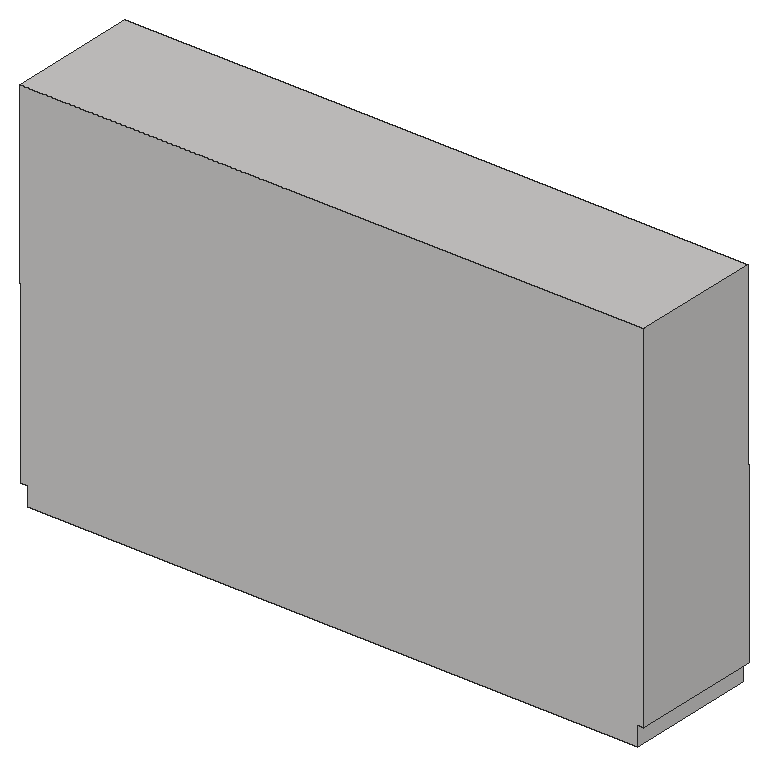
Revit family "Indoor_Unit-VRF-Ductless-JCI-Floor_Exposed-0.5_1.3Ton-208_230V", category Mechanical Equipment, Revit 2013
Parameters (values of type "0.5 Ton - 208V /1PH 60Hz")
  Width = 41 1/8"
  Voltage = 208 V
  URL = "http://www.johnsoncontrols.com"
  Type Comments = "0.5 Ton Unit - 208V"
  Sound Pressure Level = "35 dB"
  Show Clearance [instance] = no
  Refrigerant Used = "R410A"  # constant formula
  Product Page URL = "http://www.johnsoncontrols.com/content/us/en/products/building_efficiency/products-and-systems/integrated_hvac_systems/Industrial___Commercial_HVAC_Equipment/Variable_Refrigerant_Flow_Systems_.html"
  Product Documentation Link = "http://www.johnsoncontrols.com/content/dam/WWW/jci/be/integrated_hvac_systems/hvac_equipment/variable_refrigerant/Catalog%202015%20VRF%20catalog_012115_D_FNL.pdf"
  Power Factor = 1
  Pipe Right Offset Liquid = 2 9/16"  # constant formula
  Pipe Right Offset Gas = 2 1/4"  # constant formula
  Pipe Right Offset Drain = 1 1/4"  # constant formula
  Pipe Height Inset Liquid = 20 13/16"  # constant formula
  Pipe Height Inset Gas = 15 1/4"  # constant formula
  Pipe Height Inset Drain = 10 1/4"  # constant formula
  Pipe Front Inset Liquid = 2"  # constant formula
  Pipe Front Inset Gas = 5 1/4"  # constant formula
  Pipe Front Inset Drain = 5 1/4"  # constant formula
  Phase = 1
  Nominal Heating Capacity = 6700.0 Btu/h
  Nominal Cooling Capacity = 6000.0 Btu/h
  Net Weight = 55.00 lbf
  Model = "TIFE006B21S"
  Minimum Circuit Ampacity = 0.3 A
  Manufacturer = "Johnson Controls Inc."  # constant formula
  Liquid Line Radius = Liquid Connection Diameter / 2  # 1/8"
  Liquid Connection Diameter = 1/4"
  Height = 24 13/16"
  Heating Nominal Input Power = 0 W
  Gas Line Radius = Gas Connection Diameter / 2  # 1/4"
  Gas Connection Diameter = 1/2"
  Full Load Current = 0 A
  Frequency = 60 Hz  # constant formula
  Frame Finish = Metal - JCI - Steel - Galvanized - 18ga
  Drain Pipe Radius = Drain Connection Size / 2  # 5/8"
  Drain Connection Size = 1 1/4"  # constant formula
  Description = "VRF Indoor Floor Exposed"  # constant formula
  Depth = 8 21/32"
  Copyright © = "2015 Johnson Controls Inc."  # constant formula
  Cooling Nominal Input Power = 0 W
  Condensate Drain Flow = 0 GPM
  Clearance Offset Top [instance] = 39 3/8"
  Clearance Offset Right [instance] = 11 13/16"
  Clearance Offset Left [instance] = 11 13/16"
  Clearance Offset Front [instance] = 0"
  Clearance Offset Bottom [instance] = 0"
  Clearance Offset Back [instance] = 0"
  Apparent Load = Voltage * Full Load Current  # 0 VA
  Air Flow Rate = 300 CFM
Reference planes (in)
  plane 1 "Center (Front/Back)": y = 0
  plane 2: z = 0
  plane 3 "Center (Left/Right)": x = 3.26563
  plane 4 "Back": y = 4.32812
  plane 5 "Front": y = -4.32813
  plane 6 "Left": x = -14.82812
  plane 7 "Right": x = 14.82813
  plane 8 "Bottom": z = 0
  plane 9 "Air Outlet Top": z = 24.8125
  plane 10 "Clearance Offset Back": y = 4.32813
  plane 11 "Clearance Offset Front": y = -4.32813
  plane 12 "Clearance Offset Right": x = 35.64063
  plane 13 "Clearance Offset Left": x = -29.10937
  plane 14 "Clearance Offset Top": z = 64.1875
  plane 15 "Clearance Offset Bottom": z = 0
  plane 16 "Electric Box Back": y = 4.07812
  plane 17 "Liquid F/B": y = 2.32812
  plane 18 "Gas F/B": y = -0.92188
  plane 19 "Drain  F/B": y = -0.92188
  plane 20 "Gas Right": x = 17.07813
  plane 21 "Drain Right": x = 16.07812
  plane 22 "Liquid Right": x = 17.39063
  plane 23 "Gas T/B": z = 15.25
  plane 24 "Drain T": z = 10.25
  plane 25 "Return Air Bottom": z = 4.5
  plane 26 "Liquid T/B": z = 20.8125
  plane 27 "Return Air Top": z = 16.875
  plane 28 "Supply Air Left": x = -15.18056
  plane 29 "Supply Air Right": x = 21.82813
  plane 30 "Air Inlet Bottom": z = 1.8125
  plane 31 "Air Inlet Top": z = 7.0625
  plane 32 "Air Inlet Left": x = -7.11806
  plane 33 "Air Inlet Right": x = 7.89063
  plane 34 "Drain Pan Right": x = 16.89063
  plane 35 "Electric Box Front": y = -3.27021
  plane 36 "Electrical Box Left": x = -16.11806
  plane 37 "Top": z = 23.9375
  plane 38 "Bottom Inset": z = 1.25
  plane 39 "Left Inset": x = -13.95313
  plane 40 "Right Inset": x = 13.95313
  plane 41 "Back Inset": y = 2.32812
  plane 42 "Front Inset": y = -2.4716
  plane 43: y = -4.20313
  plane 44 "Electrical Box Top": z = 22.1875
  plane 45 "Drain B": z = 7.25
  plane 46 "Frame Right": x = 23.82813
  plane 47 "Frame Left": x = -17.29687
Forms (in)
  Extrusion 1, solid, material "Clearance", visible <- "Show Clearance"
    sketch origin (0.66404, -0.08612, 0) x (-1, 0, 0) y (0, -1, 0)
      loop
        line (29.77342, -4.41425) -> (29.77342, 4.242) -> (-34.97658, 4.242) -> (-34.97658, -4.41425) -> (29.77342, -4.41425)
    from 0 to 64.1875
  Extrusion 2, solid, material "Metal - JCI - Steel - Galvanized - 18ga" <- "Frame Finish"
    sketch origin (0, 12.97358, 0) x (1, 0, 0) y (0, 0, 1)
      loop
        line (-14.82812, 23.9375) -> (-14.82812, 1.25) -> (14.82813, 1.25) -> (14.82813, 23.9375) -> (-14.82812, 23.9375)
    from 8.64545 to 17.1767
  Sweep 3, solid, material "Metal - JCI - Steel - Galvanized - 18ga" <- "Frame Finish"
    path origin (0, 0, 20.8125) x (-1, 0, 0) y (0, -1, 0)
      loop
        line (-14.82813, -2.32812) -> (-17.39063, -2.32812)
    profile origin (16.10938, 2.32812, 20.8125) x (0, 1, 0) y (0, 0, 1)
      loop
        circle (0, 0) r 0.125
  Sweep 4, solid, material "Metal - JCI - Steel - Galvanized - 18ga" <- "Frame Finish"
    path origin (0, 0, 15.25) x (-1, 0, 0) y (0, -1, 0)
      loop
        line (-14.82813, 0.92188) -> (-17.07813, 0.92188)
    profile origin (15.95313, -0.92188, 15.25) x (0, 1, 0) y (0, 0, 1)
      loop
        circle (0, 0) r 0.25
  Sweep 5, solid, material "Metal - JCI - Steel - Galvanized - 18ga" <- "Frame Finish"
    path origin (0, 0, 10.25) x (-1, 0, 0) y (0, -1, 0)
      loop
        line (-14.82813, 0.92188) -> (-16.89063, 0.92188)
    profile origin (15.85938, -0.92188, 10.25) x (0, 1, 0) y (0, 0, 1)
      loop
        line (-1.875, 1.625) -> (-1.875, 0) -> (1.875, 0) -> (1.875, 1.625) -> (-1.875, 1.625)
  Extrusion 6, solid, material "Metal - JCI - Steel - Galvanized - 18ga" <- "Frame Finish"
    sketch origin (0, 0, 20.8125) x (-1, 0, 0) y (0, -1, 0)
      loop
        line (14.82812, -4.07812) -> (16.11806, -4.07812) -> (16.11806, 3.27021) -> (14.82812, 3.27021) -> (14.82812, -4.07812)
    from -19 to 1.375
  Extrusion 7, solid, material "Metal - JCI - Steel - Galvanized - 18ga" <- "Frame Finish"
    sketch origin (-1.25, 9.41108, 0) x (1, 0, 0) y (0, 0, 1)
      loop
        line (-16.04687, 24.8125) -> (-16.04687, 23.9375) -> (25.07813, 23.9375) -> (25.07813, 24.8125) -> (-16.04687, 24.8125)
    from 5.08295 to 13.7392
  Extrusion 8, solid, material "Metal - JCI - Steel - Galvanized - 18ga" <- "Frame Finish"
    sketch origin (-2.75, 2.41108, 0) x (1, 0, 0) y (0, 0, 1)
      loop
        line (-14.54687, 24.8125) -> (-14.54687, 1.25) -> (26.57813, 1.25) -> (26.57813, 24.8125) -> (-14.54687, 24.8125)
    from 6.6142 to 6.7392
  Sweep 9, solid, material "Metal - JCI - Steel - Galvanized - 18ga" <- "Frame Finish"
    path origin (0, -0.92188, 0) x (-1, 0, 0) y (0, 0, 1)
      loop
        line (-16.07812, 10.25) -> (-16.07812, 7.25)
    profile origin (16.07812, -0.92188, 8.75) x (0, -1, 0) y (1, 0, 0)
      loop
        circle (0, 0) r 0.625
  Sweep 10, solid, material "Metal - JCI - Steel - Galvanized - 18ga" <- "Frame Finish"
    path origin (0, 0, 20.8125) x (-1, 0, 0) y (0, -1, 0)
      loop
        line (-3.26563, 4.32813) -> (-3.26563, -4.32812)
    profile origin (3.26563, 0, 20.8125) x (-1, 0, 0) y (0, 0, 1)
      loop
        line (20.5625, 4) -> (19.70379, 4) -> (19.70379, -19.5625) -> (-19.8125, -19.5625) -> (-19.8125, 4) -> (-20.5625, 4) -> (-20.5625, -19.5625) -> (-20.19267, -19.5625) -> (-20.19267, -20.8125) -> (20.0625, -20.8125) -> (20.0625, -19.5625) -> (20.5625, -19.5625) -> (20.5625, 4)
Cuts and joins
  joined: Extrusion 7, Extrusion 8, Sweep 10
Lines and regions (in)
  Masking region 1
    outline origin (0, 0, 23.9375) x (-1, 0, 0) y (0, -1, 0)
      loop
        line (17.29687, -4.32812) -> (17.29687, 4.20313) -> (-23.82813, 4.20313) -> (-23.82813, -4.32812) -> (17.29687, -4.32812)
  Masking region 2, detail levels fine
    outline origin (2.25, 0.5, 20.8125) x (-1, 0, 0) y (0, -1, 0)
      loop
        line (-12.57813, -1.95312) -> (-12.57813, -1.70312) -> (-15.14063, -1.70312) -> (-15.14063, -1.95312) -> (-12.57813, -1.95312)
  Masking region 3, detail levels fine
    outline origin (0, 0, 15.25) x (-1, 0, 0) y (0, -1, 0)
      loop
        line (-14.82813, 0.67188) -> (-14.82813, 1.17188) -> (-17.07813, 1.17188) -> (-17.07813, 0.67188) -> (-14.82813, 0.67188)
  Masking region 4
    outline origin (0, 0, 10.25) x (-1, 0, 0) y (0, -1, 0)
      loop
        line (-14.82813, -0.95312) -> (-14.82813, 2.79688) -> (-16.89063, 2.79688) -> (-16.89063, -0.95312) -> (-14.82813, -0.95312)
  Split face 1
    outline origin (23.82813, -4.32813, 24.8125) x (0, 1, 0) y (-1, 0, 0)
      loop
        line (1.85653, 2) -> (6.65625, 2) -> (6.65625, 39.00869) -> (1.85653, 39.00869) -> (1.85653, 2)
  Split face 2
    outline origin (-17.29687, -4.32813, 24.8125) x (-1, 0, 0) y (0, 0, -1)
      loop
        line (-0.85871, 17.75) -> (-0.85871, 23) -> (-40.375, 23) -> (-40.375, 17.75) -> (-0.85871, 17.75)
  model lines, detail levels coarse+medium
    curve 1: line (14.82813, 2.32812, 20.8125) -> (17.39063, 2.32812, 20.8125)
    curve 2: line (14.82813, -0.92188, 15.25) -> (17.07813, -0.92188, 15.25)
  model lines, style "Clearance", visible <- "Show Clearance"
    curve 3: line (35.64062, -4.32813, 64.1875) -> (-29.10937, -4.32813, 64.1875)
    curve 4: line (-29.10937, -4.32813, 64.1875) -> (-29.10937, -4.32813, 0)
    curve 5: line (-29.10937, -4.32813, 0) -> (35.64062, -4.32813, 0)
    curve 6: line (35.64062, -4.32813, 0) -> (35.64062, -4.32813, 64.1875)
    curve 7: line (35.64062, 4.32812, 0) -> (-29.10937, 4.32812, 0)
    curve 8: line (-29.10937, 4.32812, 0) -> (-29.10937, 4.32812, 64.1875)
    curve 9: line (-29.10937, 4.32812, 64.1875) -> (35.64062, 4.32812, 64.1875)
    curve 10: line (35.64062, 4.32812, 64.1875) -> (35.64062, 4.32812, 0)
    curve 11: line (-29.10937, -4.32813, 64.1875) -> (-29.10937, 4.32812, 64.1875)
    curve 12: line (-29.10937, 4.32812, 0) -> (-29.10937, -4.32813, 0)
    curve 13: line (35.64062, 4.32812, 64.1875) -> (35.64062, -4.32813, 64.1875)
    curve 14: line (35.64062, -4.32813, 0) -> (35.64062, 4.32812, 0)
  symbolic lines, detail levels medium+fine
    curve 15: line (-15.18056, 2.32812, 24.8125) -> (21.82813, 2.32812, 24.8125)
    curve 16: line (-15.18056, -2.4716, 24.8125) -> (-15.18056, 2.32812, 24.8125)
    curve 17: line (21.82813, -2.4716, 24.8125) -> (-15.18056, -2.4716, 24.8125)
    curve 18: line (21.82813, 2.32812, 24.8125) -> (21.82813, -2.4716, 24.8125)
  model lines, style "MechanicalEquipmentHiddenLines", detail levels fine
    curve 19: line (15.64063, 3.14062, 24.8125) -> (22.26563, 3.14062, 24.8125)
    curve 20: line (15.64063, -3.04688, 24.8125) -> (15.64063, 3.14062, 24.8125)
    curve 21: line (22.26563, -3.04688, 24.8125) -> (15.64063, -3.04688, 24.8125)
    curve 22: line (22.26563, 3.14062, 24.8125) -> (22.26563, -3.04688, 24.8125)
Dimensions and locks (in)
  "Depth": plane 4 "Back" to plane 5 "Front"
  "Height": plane 9 "Air Outlet Top" to plane 8 "Bottom"
  "Clearance Offset Bottom": plane 8 "Bottom" to plane 15 "Clearance Offset Bottom"
  "Clearance Offset Back": plane 10 "Clearance Offset Back" to plane 4 "Back"
  "Clearance Offset Front": plane 11 "Clearance Offset Front" to plane 5 "Front"
  "Clearance Offset Left": plane 13 "Clearance Offset Left" to plane 47 "Frame Left"
  "Clearance Offset Right": plane 46 "Frame Right" to plane 12 "Clearance Offset Right"
  "Clearance Offset Top": plane 14 "Clearance Offset Top" to plane 9 "Air Outlet Top"
  equal spacing: plane 5 "Front", plane 1 "Center (Front/Back)", plane 4 "Back"
  equal spacing: plane 47 "Frame Left", plane 3 "Center (Left/Right)", plane 46 "Frame Right"
  locked: plane 30 "Air Inlet Bottom" to plane 8 "Bottom" at 1.8125
  locked: plane 31 "Air Inlet Top" to plane 30 "Air Inlet Bottom" at 5.25
  locked: plane 27 "Return Air Top" to plane 25 "Return Air Bottom" at 12.375
  "Pipe Right Offset Liquid": plane 7 "Right" to plane 22 "Liquid Right"
  "Pipe Right Offset Gas": plane 7 "Right" to plane 20 "Gas Right"
  "Pipe Right Offset Drain": plane 7 "Right" to plane 21 "Drain Right"
  "Pipe Front Inset Liquid": plane 17 "Liquid F/B" to plane 4 "Back"
  "Pipe Front Inset Gas": plane 18 "Gas F/B" to plane 4 "Back"
  "Pipe Front Inset Drain": plane 19 "Drain  F/B" to plane 4 "Back"
  "Pipe Height Inset Drain": plane 24 "Drain T" to plane 8 "Bottom"
  "Pipe Height Inset Gas": plane 23 "Gas T/B" to plane 8 "Bottom"
  "Pipe Height Inset Liquid": plane 26 "Liquid T/B" to plane 8 "Bottom"
  locked: plane 7 "Right" to plane 34 "Drain Pan Right" at 2.0625
  locked: plane 35 "Electric Box Front" to plane 16 "Electric Box Back" at 7.34833
  locked: plane 4 "Back" to plane 16 "Electric Box Back" at 0.25
  locked: plane 36 "Electrical Box Left" to plane 6 "Left" at 1.28994
  locked: plane 9 "Air Outlet Top" to plane 37 "Top" at 0.875
  locked: plane 25 "Return Air Bottom" to plane 8 "Bottom" at 4.5
  locked: plane 38 "Bottom Inset" to plane 8 "Bottom" at 1.25
  locked: plane 6 "Left" to plane 39 "Left Inset" at 0.875
  locked: plane 7 "Right" to plane 40 "Right Inset" at 0.875
  locked: plane 42 "Front Inset" to plane 41 "Back Inset" at 4.79972
  locked: plane 4 "Back" to plane 41 "Back Inset" at 2
  locked: plane 29 "Supply Air Right" to plane 46 "Frame Right" at 2
  locked: plane 47 "Frame Left" to plane 28 "Supply Air Left" at 2.11631
  plane 34 "Drain Pan Right" to plane 33 "Air Inlet Right" = 9"
  plane 36 "Electrical Box Left" to plane 32 "Air Inlet Left" = 9"
  locked: plane 8 "Bottom" to plane 2 at 0
  plane 5 "Front" to plane 43 = 1/8"
  locked: plane 9 "Air Outlet Top" to plane 44 "Electrical Box Top" at 2.625
  locked: Sweep 5 sketch curve to Sweep 5 sketch curve at 3.75
  locked: plane 24 "Drain T" to plane 45 "Drain B" at 3
  locked: plane 7 "Right" to plane 46 "Frame Right" at 9
  "Width": plane 47 "Frame Left" to plane 46 "Frame Right"
  locked: plane 47 "Frame Left" to plane 36 "Electrical Box Left" at 1.17881
  plane 6 "Left" to plane 7 "Right" = 29 21/32"
  locked: curve 21 to curve 19 at 6.1875
  locked: plane 4 "Back" to curve 19 at 1.1875
  locked: curve 22 to plane 46 "Frame Right" at 1.5625
  locked: curve 20 to curve 22 at 6.625
  "Liquid Line Radius": radius of Sweep 3 sketch curve
  "Gas Line Radius": radius of Sweep 4 sketch curve
  "Drain Pipe Radius": radius of Sweep 9 sketch curve
  aligned and locked: level to plane 2
  aligned and locked: plane 13 "Clearance Offset Left" to Extrusion 1
  aligned and locked: plane 12 "Clearance Offset Right" to Extrusion 1
  aligned and locked: Extrusion 1 to plane 11 "Clearance Offset Front"
  aligned and locked: plane 10 "Clearance Offset Back" to Extrusion 1
  aligned and locked: plane 14 "Clearance Offset Top" to Extrusion 1
  aligned and locked: Extrusion 1 to plane 15 "Clearance Offset Bottom"
  aligned and locked: plane 7 "Right" to Sweep 3 sketch curve
  aligned and locked: plane 22 "Liquid Right" to Sweep 3 sketch curve
  aligned and locked: plane 17 "Liquid F/B" to Sweep 3 sketch curve  (x2)
  aligned and locked: plane 26 "Liquid T/B" to Sweep 3 sketch curve
  aligned and locked: plane 23 "Gas T/B" to Sweep 4 sketch curve
  aligned and locked: Masking region 2 sketch curve to plane 22 "Liquid Right"
  aligned and locked: plane 7 "Right" to Masking region 2 sketch curve
  aligned and locked: Masking region 2 sketch curve to Sweep 3  (x2)
  aligned and locked: plane 7 "Right" to Sweep 5 sketch curve
  aligned and locked: plane 19 "Drain  F/B" to Sweep 5 sketch curve
  aligned and locked: plane 18 "Gas F/B" to Sweep 4 sketch curve  (x2)
  aligned and locked: plane 7 "Right" to Sweep 4 sketch curve
  aligned and locked: plane 20 "Gas Right" to Sweep 4 sketch curve
  aligned and locked: Masking region 1 sketch curve to plane 4 "Back"
  aligned and locked: plane 4 "Back" to Extrusion 2
  aligned and locked: plane 16 "Electric Box Back" to Extrusion 6 sketch curve
  aligned and locked: Extrusion 6 sketch curve to plane 35 "Electric Box Front"
  aligned and locked: plane 18 "Gas F/B" to curve 2
  aligned and locked: plane 7 "Right" to curve 2
  aligned and locked: plane 20 "Gas Right" to curve 2
  aligned and locked: plane 7 "Right" to Masking region 3 sketch curve
  aligned and locked: plane 20 "Gas Right" to Masking region 3 sketch curve
  aligned and locked: Masking region 3 sketch curve to Sweep 4  (x2)
  aligned and locked: plane 7 "Right" to Masking region 4 sketch curve
  aligned and locked: curve 3 to Extrusion 1
  aligned and locked: curve 4 to Extrusion 1
  aligned and locked: curve 5 to Extrusion 1
  aligned and locked: curve 6 to Extrusion 1
  aligned and locked: curve 7 to Extrusion 1
  aligned and locked: curve 8 to Extrusion 1
  aligned and locked: curve 9 to Extrusion 1
  aligned and locked: curve 10 to Extrusion 1
  aligned and locked: curve 11 to Extrusion 1
  aligned and locked: curve 12 to Extrusion 1
  aligned and locked: curve 13 to Extrusion 1
  aligned and locked: curve 14 to Extrusion 1
  aligned and locked: Extrusion 6 sketch curve to plane 6 "Left"
  aligned and locked: Extrusion 7 sketch curve to plane 9 "Air Outlet Top"
  aligned and locked: Extrusion 7 sketch curve to plane 37 "Top"
  aligned and locked: plane 43 to Extrusion 2
  aligned and locked: Masking region 1 sketch curve to plane 43
  aligned and locked: Extrusion 8 to plane 43
  aligned and locked: plane 5 "Front" to Extrusion 8
  aligned and locked: Extrusion 6 to plane 30 "Air Inlet Bottom"
  aligned and locked: plane 44 "Electrical Box Top" to Extrusion 6
  aligned and locked: plane 24 "Drain T" to Sweep 5 sketch curve
  aligned and locked: plane 34 "Drain Pan Right" to Sweep 5 sketch curve
  aligned and locked: plane 45 "Drain B" to Sweep 9 sketch curve
  aligned and locked: plane 24 "Drain T" to Sweep 9 sketch curve
  aligned and locked: plane 21 "Drain Right" to Sweep 9 sketch curve  (x2)
  aligned and locked: plane 19 "Drain  F/B" to Sweep 9 sketch curve
  aligned and locked: Masking region 4 sketch curve to Sweep 5  (x2)
  aligned and locked: plane 34 "Drain Pan Right" to Masking region 4 sketch curve
  aligned and locked: plane 41 "Back Inset" to curve 15
  aligned and locked: curve 17 to plane 42 "Front Inset"
  aligned and locked: curve 16 to plane 28 "Supply Air Left"
  aligned and locked: curve 18 to plane 29 "Supply Air Right"
  aligned and locked: Extrusion 2 sketch curve to plane 37 "Top"
  aligned and locked: Extrusion 2 sketch curve to plane 6 "Left"
  aligned and locked: plane 38 "Bottom Inset" to Extrusion 2 sketch curve
  aligned and locked: Extrusion 2 sketch curve to plane 7 "Right"
  aligned and locked: Extrusion 8 sketch curve to plane 46 "Frame Right"
  aligned and locked: Extrusion 8 sketch curve to plane 47 "Frame Left"
  aligned and locked: Extrusion 8 sketch curve to plane 9 "Air Outlet Top"
  aligned and locked: Extrusion 7 sketch curve to plane 47 "Frame Left"
  aligned and locked: Extrusion 7 sketch curve to plane 46 "Frame Right"
  aligned and locked: plane 4 "Back" to Extrusion 7
  aligned and locked: plane 5 "Front" to Extrusion 7
  aligned and locked: plane 36 "Electrical Box Left" to Extrusion 6
  aligned and locked: plane 4 "Back" to Sweep 10 sketch curve
  aligned and locked: plane 5 "Front" to Sweep 10 sketch curve
  aligned and locked: plane 3 "Center (Left/Right)" to Sweep 10 sketch curve
  aligned and locked: plane 9 "Air Outlet Top" to Sweep 10 sketch curve  (x2)
  aligned and locked: plane 47 "Frame Left" to Sweep 10 sketch curve
  aligned and locked: Sweep 10 sketch curve to plane 38 "Bottom Inset"  (x2)
  aligned and locked: Sweep 10 sketch curve to plane 8 "Bottom"
  aligned and locked: plane 38 "Bottom Inset" to Sweep 10 sketch curve
  aligned and locked: plane 46 "Frame Right" to Sweep 10 sketch curve
  aligned and locked: Extrusion 8 sketch curve to plane 38 "Bottom Inset"
  aligned and locked: Split face 1 sketch curve to plane 41 "Back Inset"
  aligned and locked: plane 42 "Front Inset" to Split face 1 sketch curve
  aligned and locked: plane 28 "Supply Air Left" to Split face 1 sketch curve
  aligned and locked: plane 29 "Supply Air Right" to Split face 1 sketch curve
  aligned and locked: cut or joined group of Extrusion 7, Extrusion 8, Sweep 10 to Split face 2 sketch curve  (x2)
  aligned and locked: Split face 2 sketch curve to plane 31 "Air Inlet Top"
  aligned and locked: plane 30 "Air Inlet Bottom" to Split face 2 sketch curve
  aligned and locked: Masking region 1 sketch curve to plane 47 "Frame Left"
  aligned and locked: Masking region 1 sketch curve to plane 46 "Frame Right"
Automatic sketch dimensions
  Extrusion 1 sketch curve to plane 10 "Clearance Offset Back" = 0"
  Extrusion 1 sketch curve to plane 12 "Clearance Offset Right" = 0"
  Extrusion 1 sketch curve to plane 11 "Clearance Offset Front" = 0"
  Extrusion 1 sketch curve to plane 13 "Clearance Offset Left" = 0"
  curve 11 to Extrusion 1 = 0"  (x2)
  curve 12 to Extrusion 1 = 0"  (x2)
  curve 13 to Extrusion 1 = 0"  (x2)
  curve 14 to Extrusion 1 = 0"  (x2)
  plane 6 "Left" to Extrusion 6 sketch curve = 1.28994"
  profile plane to Sweep 5 sketch curve = 1 7/8"
  plane 24 "Drain T" to Sweep 5 sketch curve = 1 5/8"
  plane 17 "Liquid F/B" to curve 1 = 0"
  curve 1 to plane 22 "Liquid Right" = 0"
  curve 1 to plane 7 "Right" = 0"
  Sweep 10 sketch curve to Sweep 10 sketch curve = 0.36983"
  Sweep 10 sketch curve to Sweep 10 sketch curve = 3/4"
  Sweep 10 sketch curve to Sweep 10 sketch curve = 0.35871"
  Sweep 10 sketch curve to Sweep 10 sketch curve = 1/2"
Connectors (in)
  piping at (17.39063, 2.32812, 20.8125), driven by "Liquid Line Radius"
    settings: on Sweep 3, index 2, connector radius 1/8", flow factor 0, pipe flow 0 GPM, pressure drop 0.00 psi, fitting loss kfactor 0, connector angle 0.00°, fixture units 0, engagement length 0", flow configuration 0, flow direction 0, fitting loss method 0, system type 29, joint type 0, gender type 0, connector reference index -1, connector utility 0, adjustable connector no, is connector primary yes, fitting loss table "", connector description "Liquid"
  piping at (17.07813, -0.92188, 15.25), driven by "Gas Line Radius"
    settings: on Sweep 4, index 4, connector radius 1/4", flow factor 0, pipe flow 0 GPM, pressure drop 0.00 psi, fitting loss kfactor 0, connector angle 0.00°, fixture units 0, engagement length 0", flow configuration 0, flow direction 0, fitting loss method 0, system type 29, joint type 0, gender type 0, connector reference index -1, connector utility 0, adjustable connector no, is connector primary no, fitting loss table "", connector description "Gas"
  electrical at (-16.11806, 0.40396, 12), driven by "Voltage", driven by "Apparent Load", driven by "Power Factor"
    settings: on Extrusion 6, index 7, voltage 208 V, apparent load 0 VA, apparent load phase1 0 VA, apparent load phase2 0 VA, apparent load phase3 0 VA, power factor 1, load classification "HVAC", number of poles 1, system type 30, power factor state 1, is connector primary yes, connector utility no, sub classification motor no, connector description "Power Supply"
  piping at (16.07812, -0.92188, 7.25), driven by "Drain Pipe Radius", driven by "Condensate Drain Flow"
    settings: on Sweep 9, index 8, connector radius 5/8", flow factor 0, pipe flow 0 GPM, pressure drop 0.00 psi, fitting loss kfactor 0, connector angle 0.00°, fixture units 0, engagement length 0", flow configuration 1, flow direction 2, fitting loss method 0, system type 16, joint type 0, gender type 0, connector reference index -1, connector utility 0, adjustable connector no, is connector primary no, fitting loss table "", connector description "Condensate Drain"
Types in the file's own list only (7): name | Width | Voltage | Type Comments | Sound Pressure Level | Nominal Heating Capacity | Nominal Cooling Capacity | Net Weight | Model | Minimum Circuit Ampacity | Liquid Connection Diameter | Gas Line Radius | Gas Connection Diameter | Drain Connection Size | Air Flow Rate
  0.7 Ton - 208V /1PH 60Hz | 41 5/32" | 208 V | "0.7 Ton Unit - 208V" | "35 dB" | 9000.0 Btu/h | 8000.0 Btu/h | 55.00 lb | "TIFE008B21S" | 0 A | 0" | 1/4" | 1" | 1" | 300 CFM
  1 Ton - 208V /1PH 60Hz | 46 1/16" | 208 V | "1 Ton Unit - 208V" | "38 dB" | 13500.0 Btu/h | 12000.0 Btu/h | 62.00 lb | "TIFE012B21S" | 0 A | 0" | 1/4" | 1" | 1" | 424 CFM
  1.3 Ton - 208V /1PH 60Hz | 55 29/32" | 208 V | "1.3 Ton Unit - 208V" | "39 dB" | 17000.0 Btu/h | 15000.0 Btu/h | 73.00 lb | "TIFE015B21S" | 1 A | 0" | 5/16" | 1" | 1" | 565 CFM
  0.5 Ton - 230V /1PH 60Hz | 41 5/32" | 230 V | "0.5 Ton Unit - 230V" | "35 dB" | 6700.0 Btu/h | 6000.0 Btu/h | 55.00 lb | "TIFE006B21S" | 0 A | 0" | 1/4" | 1" | 1" | 300 CFM
  0.7 Ton - 230V /1PH 60Hz | 41 5/32" | 230 V | "0.7 Ton Unit - 230V" | "35 dB" | 9000.0 Btu/h | 8000.0 Btu/h | 55.00 lb | "TIFE008B21S" | 0 A | 0" | 1/4" | 1" | 1" | 300 CFM
  1 Ton - 230V /1PH 60Hz | 46 1/16" | 230 V | "1 Ton Unit - 230V" | "38 dB" | 13500.0 Btu/h | 12000.0 Btu/h | 62.00 lb | "TIFE012B21S" | 0 A | 0" | 1/4" | 1" | 1" | 424 CFM
  1.3 Ton - 230V /1PH 60Hz | 55 29/32" | 230 V | "1.3 Ton Unit - 230V" | "39 dB" | 17000.0 Btu/h | 15000.0 Btu/h | 73.00 lb | "TIFE015B21S" | 1 A | 0" | 5/16" | 1" | 1" | 565 CFM
